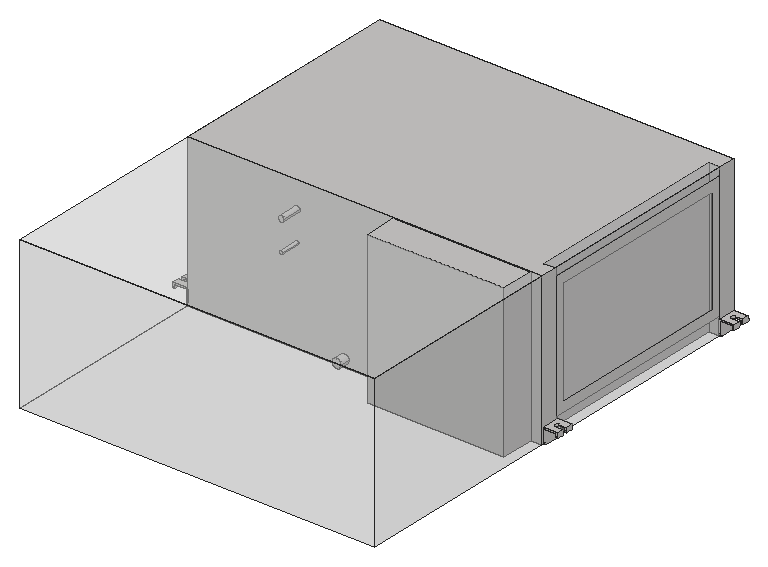
Revit family "outputfile", category 機械設備, Revit 2024
Family settings
  丸型コネクタ寸法 = 半径を使用
  パーツ タイプ = 標準
  OmniClass 番号 = 23.75.10.24.21.27.27
  OmniClass タイトル = Split System Air Conditioning Units
  作業面ベース = いいえ
  常に垂直 = はい
  ロード時にボイドで切り取り = いいえ
  注釈の向きを維持 = いいえ
  共有 = いいえ
  部屋計算ポイント = はい
Parameters (values of type "FXMQ48MFVJU")
  Description = ""
  製造元 = "Daikin"
  書き出し IFC クラス(タイプ) = "IfcUnitaryEquipmentType"
  定義済み IFC タイプ(タイプ) = "AIRCONDITIONINGUNIT"
  Cost = 0
  モデル = "FXMQ48MFVJU"
  Type Comments = ""
  Keynote = ""
  Type Image = (empty or 0)
  Assembly Code = ""
  w_dischargeflange = 660.0 mm
  w_suctionflange = 640.0 mm
  r_Liquid Pipe Size = Liquid Pipe Size / 2  # 4.75 mm
  r_Gas Pipe Size = Gas Pipe Size / 2  # 7.95 mm
  r_Drain Pipe Size = Drain Pipe Size / 2  # 13.8 mm
  lw_powersupply = 247.5 mm  # constant formula
  lw_mountinghole_pitch = 1148.0 mm  # constant formula
  lw_mountinghole = if(Depth = 744.0 mm, 29.5 mm, if(Depth = 1380.0 mm, 42.0 mm, 42.0 mm))  # 29.5 mm
  lw_liquidpipe = 760.0 mm  # constant formula
  lw_gaspipe = 760.0 mm  # constant formula
  lw_drainpipe = 613.0 mm  # constant formula
  lh_dischargeflange = 250.0 mm  # constant formula
  lh_powersupply = 20.0 mm  # constant formula
  lh_liquidpipe = 296.0 mm  # constant formula
  lh_gaspipe = 390.0 mm  # constant formula
  lh_drainpipe = 25.0 mm  # constant formula
  lh_suctionflange = 250.0 mm  # constant formula
  lh_antena = Height - lh_mountinghole + 1.0 mm  # 421.0 mm
  ld_dischargeflange = 372.0 mm
  ld_powersupply = 211.5 mm  # constant formula
  ld_mountinghole_pitch = if(Depth = 744.0 mm, 685.0 mm, if(Depth = 1380.0 mm, 1296.0 mm, 1296.0 mm))  # 685.0 mm
  ld_suctionflange = 372.0 mm
  h_dischargeflange = 390.0 mm  # constant formula
  lh_mountinghole = 50.0 mm  # constant formula
  h_mountinghole = [h***] + lh_mountinghole  # 50.0 mm
  h_suctionflange = 390.0 mm  # constant formula
  h*** = 0.0 mm  # constant formula
  d_dischargeflange = 25.0 mm  # constant formula
  d_pipe = if(Depth = 744.0 mm, 61.0 mm, if(Depth = 1380.0 mm, 60.0 mm, 60.0 mm))  # 61.0 mm
  d_suctionflange = 25.0 mm  # constant formula
  Width = 1100.0 mm
  Voltage_comment_60Hz = "208-230"
  Voltage_60Hz = 208 V
  Version = "ver.1.0"
  Unit Type = "Outdoor Air Processing Unit"
  Unit Mass Weight = 86.00 kg
  Unit Designation [instance] = ""
  Uniclass2015Version = "Products v1.30"
  Uniclass2015Title = "Variable refrigerant flow units"
  Uniclass2015Code = "Pr_70_65_03_94"
  URL = ""
  Total Heating Capacity [instance] = 0.000 kW
  Total Cooling Capacity [instance] = 0.000 kW
  Supply Air Direction [instance] = yes
  Sound Pressure Level_M speed (dBA) = 0
  Sound Pressure Level_L speed (dBA) = 0
  Sound Pressure Level_H speed (dBA) = 43
  Sound Power Level_H speed (dB) = 0
  Series = "VRV Fan Coil Unit"
  Sensible Cooling Capacity [instance] = 0.000 kW
  SA Duct Size Width = 600.0 mm
  SA Duct Size Height = 330.0 mm
  Refrigerant Type = "R410A"
  Power Input (Heating) = 0.359 kW
  Power Input (Cooling) = 0.359 kW
  Phase_60Hz = 1
  Option Accessory 3 [instance] = ""
  Option Accessory 2 [instance] = ""
  Option Accessory 1 [instance] = ""
  OA Duct Size Width = 580.0 mm
  OA Duct Size Height = 330.0 mm
  Nominal Heating Capacity = 8.900 kW
  Nominal Cooling Capacity = 14.000 kW
  Minimum External Static Pressure = 0.00 Pa
  Minimum Circuit Amps_60Hz = 2.1 A
  Minimum Airflow = 0.00 m³/h
  Median Airflow = 0.00 m³/h
  Maximum Fuse Amps_60Hz = 15.0 A
  Maximum External Static Pressure = 219.00 Pa
  Maximum Airflow = 1080.00 m³/h
  Material_Casing = DAIKIN_GalvanizedSteel_Casing_indoorunit
  Load Classification = HVAC
  Liquid Pipe Size = 9.5 mm
  Link_Nested Family [instance] = ""
  IfcVersion = "0"
  IfcExportType = "AIRCONDITIONINGUNIT"
  IfcExportAs = "IfcUnitaryEquipmentType"
  Height = 470.0 mm
  Heating Entering Wet Bulb Temperature [instance] = 0.00 °C
  Heating Entering Dry Bulb Temperature [instance] = 0.00 °C
  Heating Ambient Wet Bulb Temperature [instance] = 0.00 °C
  Heating Ambient Dry Bulb Temperature [instance] = 0.00 °C
  Heat Exchanger Type = "Cross Fin Coil"
  Gas Pipe Size = 15.9 mm
  Frequency_60Hz = 60 Hz
  Fan Type = "Sirocco Fan"
  Fan Drive = "Direct Drive"
  FCU Tag No. [instance] = ""
  Drain Pipe Size = 27.6 mm
  Design Supply Airflow [instance] = 0.00 m³/h
  Design Outdoor Airflow [instance] = 0.00 m³/h
  Design External Static Pressure [instance] = 0.00 Pa
  Depth = 744.0 mm
  既定の高さ = 0.0 mm
  Cooling Entering Wet Bulb Temperature [instance] = 0.00 °C
  Cooling Entering Dry Bulb Temperature [instance] = 0.00 °C
  Cooling Ambient Wet Bulb Temperature [instance] = 0.00 °C
  Cooling Ambient Dry Bulb Temperature [instance] = 0.00 °C
  Clearance visibility [instance] = yes
  Clearance Top = 0.0 mm
  Clearance Right = 0.0 mm
  Clearance Rear = 0.0 mm
  Clearance Left = 0.0 mm
  Clearance Front = 650.0 mm
  Clearance Bottom = 0.0 mm
Reference planes
  plane 1 "Center (Front/Back)": y = 0
  plane 2: z = 0
  plane 3 "Center (Left/Right)": x = 0
  plane 4 "Back": y = 372
  plane 5 "Front": y = -372
  plane 6 "Left": x = -550
  plane 7 "Right": x = 550
  plane 8 "Top": z = 0
  plane 9 "Bottom": z = -470
  plane 10: y = 372
  plane 11: y = -1022
  plane 12: x = 550
  plane 13: x = -550
  plane 14: z = 0
  plane 15: z = -470
  plane 16: y = -474
  plane 17: y = -402
  plane 18: y = -433
  plane 19 "ld_drainpipe": x = -63
  plane 20 "ld_liquidpipe": x = -210
  plane 21 "ld_gaspipe": x = -210
  plane 22 "lh_gaspipe": z = -80
  plane 23 "lh_drainpipe": z = -445
  plane 24 "lh_liquidpipe": z = -174
  plane 25 "h_mountinghole": z = -420
  plane 26 "lh_powersuply": z = -450
  plane 27 "lh_suctionflange": z = -220
  plane 28 "ld_suctionflange": y = 0
  plane 29 "ld_dischargeflange": y = 0
  plane 30 "lh_dischargeflange": z = -220
  plane 31 "control box1": x = 514
  plane 32 "control box2": x = 91
  plane 33: y = -423
  plane 34 "lw_powersupply": x = 302.5
  plane 35: y = 342.5
  plane 36: y = -342.5
  plane 37: x = -574
  plane 38: x = 574
  plane 39 "w_suctionflange1": y = 320
  plane 40 "w_suctionflange2": y = -320
Forms (mm)
  Extrusion 1, solid, material "DAIKIN_GalvanizedSteel_Casing_indoorunit" <- "Material_Casing"
    sketch origin (0, 0, 0) x (1, 0, 0) y (0, 0, 1)
      loop
        line (-550, 0) -> (-550, -470) -> (550, -470) -> (550, 0) -> (-550, 0)
    from -372 to 372
  Extrusion 2, solid, material "DAIKIN_GalvanizedSteel_Casing_indoorunit" <- "Material_Casing"
    sketch origin (0, 0, 0) x (1, 0, 0) y (0, 0, 1)
      loop
        line (91, -470) -> (514, -470) -> (514, 0) -> (91, 0) -> (91, -470)
    from 372 to 474
  Extrusion 3, solid, material "DAIKIN_GalvanizedSteel_Casing_indoorunit" <- "Material_Casing"
    sketch origin (0, 0, 0) x (1, 0, 0) y (0, 0, 1)
      loop
        circle (-210, -174) r 4.75
      loop
        circle (-210, -80) r 7.95
    from 372 to 433
  Extrusion 4, solid, material "DAIKIN_GalvanizedSteel_Casing_indoorunit" <- "Material_Casing"
    sketch origin (63, 0, 0) x (1, 0, 0) y (0, 0, 1)
      loop
        circle (-126, -445) r 13.8
    from 372 to 402
  Extrusion 5, void
    sketch origin (0, 0, 0) x (0, 1, 0) y (0, 0, 1)
      loop
        line (-320, 545) -> (-320, -985) -> (320, -985) -> (320, 545) -> (-320, 545)
    from 514 to 550
Cuts and joins
  Extrusion 5 cuts Extrusion 1
Dimensions and locks
  "Height": plane 8 "Top" to plane 9 "Bottom"
  equal spacing: plane 6 "Left", plane 3 "Center (Left/Right)", plane 7 "Right"
  "Width": plane 6 "Left" to plane 7 "Right"
  equal spacing: plane 4 "Back", plane 1 "Center (Front/Back)", plane 5 "Front"
  "Depth": plane 4 "Back" to plane 5 "Front"
  "Clearance Left": plane 13 to plane 6 "Left"
  "Clearance Right": plane 7 "Right" to plane 12
  "Clearance Rear": plane 10 to plane 4 "Back"
  "Clearance Front": plane 5 "Front" to plane 11
  "Clearance Top": plane 14 to plane 8 "Top"
  "Clearance Bottom": plane 9 "Bottom" to plane 15
  locked: plane 5 "Front" to plane 16 at 102
  "d_pipe": plane 5 "Front" to plane 18
  "lw_drainpipe": plane 19 "ld_drainpipe" to plane 7 "Right"
  "lw_liquidpipe": plane 20 "ld_liquidpipe" to plane 7 "Right"
  "lw_gaspipe": plane 21 "ld_gaspipe" to plane 7 "Right"
  "lh_gaspipe": plane 22 "lh_gaspipe" to plane 9 "Bottom"
  "lh_liquidpipe": plane 24 "lh_liquidpipe" to plane 9 "Bottom"
  "lh_drainpipe": plane 23 "lh_drainpipe" to plane 9 "Bottom"
  "lh_mountinghole": plane 25 "h_mountinghole" to plane 9 "Bottom"
  "lh_powersupply": plane 26 "lh_powersuply" to plane 9 "Bottom"
  "lh_suctionflange": plane 27 "lh_suctionflange" to plane 9 "Bottom"
  "ld_suctionflange": plane 28 "ld_suctionflange" to plane 5 "Front"
  "ld_dischargeflange": plane 4 "Back" to plane 29 "ld_dischargeflange"
  "lh_dischargeflange": plane 30 "lh_dischargeflange" to plane 9 "Bottom"
  locked: plane 5 "Front" to plane 17 at 30
  locked: plane 32 "control box2" to plane 31 "control box1" at 423
  locked: plane 31 "control box1" to plane 7 "Right" at 36
  "lw_powersupply": plane 34 "lw_powersupply" to plane 7 "Right"
  equal spacing: plane 37, plane 3 "Center (Left/Right)", plane 38
  "lw_mountinghole_pitch": plane 37 to plane 38
  "lw_mountinghole": plane 36 to plane 5 "Front"
  "ld_mountinghole_pitch": plane 35 to plane 36
  equal spacing: plane 5 "Front", plane 33, plane 16, locked at 51 each
  equal spacing: plane 39 "w_suctionflange1", plane 29 "ld_dischargeflange", plane 40 "w_suctionflange2"
  "w_suctionflange": plane 39 "w_suctionflange1" to plane 40 "w_suctionflange2"
  "r_Liquid Pipe Size": radius of Extrusion 3 sketch curve
  "r_Gas Pipe Size": radius of Extrusion 3 sketch curve
  "r_Drain Pipe Size": radius of Extrusion 4 sketch curve
  aligned and locked: level to plane 2
  aligned and locked: Extrusion 1 sketch curve to plane 8 "Top"
  aligned and locked: Extrusion 1 sketch curve to plane 6 "Left"
  aligned and locked: plane 9 "Bottom" to Extrusion 1 sketch curve
  aligned and locked: Extrusion 1 sketch curve to plane 7 "Right"
  aligned and locked: plane 4 "Back" to Extrusion 1
  aligned and locked: Extrusion 1 to plane 5 "Front"
  aligned and locked: plane 10 to nested 1
  aligned and locked: plane 11 to nested 1
  aligned and locked: plane 12 to nested 1
  aligned and locked: nested 1 to plane 13
  aligned and locked: plane 15 to nested 1
  aligned and locked: plane 14 to nested 1
  aligned and locked: Extrusion 2 to plane 16
  aligned and locked: plane 5 "Front" to Extrusion 2
  aligned and locked: plane 24 "lh_liquidpipe" to Extrusion 3 sketch curve
  aligned and locked: plane 20 "ld_liquidpipe" to Extrusion 3 sketch curve
  aligned and locked: plane 21 "ld_gaspipe" to Extrusion 3 sketch curve
  aligned and locked: plane 22 "lh_gaspipe" to Extrusion 3 sketch curve
  aligned and locked: Extrusion 3 to plane 18
  aligned and locked: plane 5 "Front" to Extrusion 3
  aligned and locked: nested 2 to plane 5 "Front"
  aligned and locked: nested 2 to plane 19 "ld_drainpipe"
  aligned and locked: plane 23 "lh_drainpipe" to nested 2
  aligned and locked: nested 3 to plane 5 "Front"
  aligned and locked: nested 4 to plane 5 "Front"
  aligned and locked: plane 24 "lh_liquidpipe" to nested 3
  aligned and locked: plane 22 "lh_gaspipe" to nested 4
  aligned and locked: plane 25 "h_mountinghole" to nested 5
  aligned and locked: plane 25 "h_mountinghole" to nested 6
  aligned and locked: nested 7 to plane 25 "h_mountinghole"
  aligned and locked: nested 8 to plane 25 "h_mountinghole"
  aligned and locked: nested 13 to plane 26 "lh_powersuply"
  aligned and locked: plane 1 "Center (Front/Back)" to nested 14
  aligned and locked: nested 14 to plane 3 "Center (Left/Right)"
  aligned and locked: nested 15 to plane 29 "ld_dischargeflange"
  aligned and locked: nested 15 to plane 6 "Left"
  aligned and locked: plane 30 "lh_dischargeflange" to nested 15
  aligned and locked: nested 16 to plane 6 "Left"
  aligned and locked: nested 16 to plane 29 "ld_dischargeflange"
  aligned and locked: plane 28 "ld_suctionflange" to nested 17
  aligned and locked: nested 17 to plane 27 "lh_suctionflange"
  aligned and locked: nested 16 to plane 30 "lh_dischargeflange"
  aligned and locked: nested 3 to plane 20 "ld_liquidpipe"
  aligned and locked: nested 4 to plane 21 "ld_gaspipe"
  aligned and locked: Extrusion 2 sketch curve to plane 31 "control box1"
  aligned and locked: Extrusion 2 sketch curve to plane 32 "control box2"
  aligned and locked: Extrusion 2 sketch curve to plane 14
  aligned and locked: Extrusion 2 sketch curve to plane 15
  aligned and locked: plane 19 "ld_drainpipe" to Extrusion 4 sketch curve
  aligned and locked: plane 23 "lh_drainpipe" to Extrusion 4 sketch curve
  aligned and locked: Extrusion 4 to plane 17
  aligned and locked: nested 13 to plane 34 "lw_powersupply"
  aligned and locked: plane 33 to nested 13
  aligned and locked: nested 5 to plane 35
  aligned and locked: plane 35 to nested 7
  aligned and locked: nested 6 to plane 36
  aligned and locked: plane 36 to nested 8
  aligned and locked: nested 18 to plane 1 "Center (Front/Back)"
  aligned and locked: plane 27 "lh_suctionflange" to nested 18
  aligned and locked: Extrusion 5 sketch curve to plane 39 "w_suctionflange1"
  aligned and locked: Extrusion 5 sketch curve to plane 40 "w_suctionflange2"
  aligned and locked: plane 7 "Right" to Extrusion 5
  aligned and locked: plane 7 "Right" to nested 18
  aligned and locked: plane 3 "Center (Left/Right)" to nested 17
  aligned and locked: nested 11 to plane 37
  aligned and locked: nested 12 to plane 38
  aligned and locked: nested 10 to plane 37
  aligned and locked: nested 9 to plane 38
  aligned and locked: nested 5 to plane 6 "Left"
  aligned and locked: nested 7 to plane 7 "Right"
  aligned and locked: nested 8 to plane 7 "Right"
  aligned and locked: nested 9 to plane 36
  aligned and locked: nested 10 to plane 36
  aligned and locked: nested 12 to plane 35
  aligned and locked: nested 11 to plane 35
  aligned and locked: Extrusion 5 to Extrusion 2
  aligned and locked: plane 5 "Front" to Extrusion 4
Automatic sketch dimensions
  level to Extrusion 5 sketch curve = 545.0 mm
  Extrusion 5 sketch curve to plane 9 "Bottom" = 515.0 mm
Nested families
  nested 1: "daikin_clearancespace" at (0, -325, -234.881), visible <- "Clearance visibility", show <- "Clearance visibility", Link_Nested Family <- "Link_Nested Family", type "daikin_clearancespace"
    with width 1100.0 mm, show yes, height 470.0 mm, depth 1394.0 mm, Link_Nested Family ""
  nested 2: "daikin_connector_rotate2" at (-63, -372, -445), radius <- "r_Drain Pipe Size", type "daikin_connector_rotate2"
    with radius 13.8 mm, length 30.0 mm, angle_vertical 90.00°, show_face no
  nested 3: "daikin_connector_rotate2" at (-210, -372, -174), length <- "d_pipe", radius <- "r_Liquid Pipe Size", type "daikin_connector_rotate2"
    with radius 4.75 mm, length 61.0 mm, angle_vertical 90.00°, show_face no
  nested 4: "daikin_connector_rotate2" at (-210, -372, -80), length <- "d_pipe", radius <- "r_Gas Pipe Size", type "daikin_connector_rotate2"
    with radius 7.95 mm, length 61.0 mm, angle_vertical 90.00°, show_face no
  nested 5: "daikin_hangerfixture_FXMQ-MFVJU" at (-550, 342.5, -420) x (0, -1, 0) z (0, 0, 1), type "daikin_hangerfixture_FXMQ-MFVJU"
  nested 6: "daikin_hangerfixture_FXMQ-MFVJU" at (-550, -342.5, -420) x (0, -1, 0) z (0, 0, 1), type "daikin_hangerfixture_FXMQ-MFVJU"
  nested 7: "daikin_hangerfixture_FXMQ-MFVJU" at (550, 342.5, -420) x (0, -1, 0) z (0, 0, 1), type "daikin_hangerfixture_FXMQ-MFVJU"
  nested 8: "daikin_hangerfixture_FXMQ-MFVJU" at (550, -342.5, -420) x (0, -1, 0) z (0, 0, 1), type "daikin_hangerfixture_FXMQ-MFVJU"
  nested 9: "daikin_mountinghole" at (574, -342.5, -470), Link_Nested Family <- "Link_Nested Family", l_antenna <- "lh_antena", h_mountinghole <- "h_mountinghole", type "daikin_mountinghole"
    with show yes, l_antenna 421.0 mm, h_mountinghole 50.0 mm, Link_Nested Family ""
  nested 10: "daikin_mountinghole" at (-574, -342.5, -470), Link_Nested Family <- "Link_Nested Family", l_antenna <- "lh_antena", h_mountinghole <- "h_mountinghole", type "daikin_mountinghole"
    with show yes, l_antenna 421.0 mm, h_mountinghole 50.0 mm, Link_Nested Family ""
  nested 11: "daikin_mountinghole" at (-574, 342.5, -470), Link_Nested Family <- "Link_Nested Family", l_antenna <- "lh_antena", h_mountinghole <- "h_mountinghole", type "daikin_mountinghole"
    with show yes, l_antenna 421.0 mm, h_mountinghole 50.0 mm, Link_Nested Family ""
  nested 12: "daikin_mountinghole" at (574, 342.5, -470), Link_Nested Family <- "Link_Nested Family", l_antenna <- "lh_antena", h_mountinghole <- "h_mountinghole", type "daikin_mountinghole"
    with show yes, l_antenna 421.0 mm, h_mountinghole 50.0 mm, Link_Nested Family ""
  nested 13: "daikin_connector_rotate2" at (302.5, -423, -450) x (0, 1, 0) z (0, 0, 1), length <- "ld_powersupply", type "daikin_connector_rotate2"
    with radius 10.0 mm, length 211.5 mm, angle_vertical 90.00°, show_face no
  nested 14: "daikin_△_symbolicline" at (0, 0, 470) x (0, -1, 0) z (0, 0, 1), visible <- "Supply Air Direction", built-in parameter 1001364 <- "Height", type "daikin_△_symbolicline"
    with length 300.0 mm
  nested 15: "daikin_ductflange_FXMQ-MFVJU_1" at (-550, 0, -415) x (0, -1, 0) z (0, 0, 1), material <- "Material_Casing", depth <- "d_dischargeflange", height <- "h_dischargeflange", width <- "w_dischargeflange", type "daikin_ductflange_FXMQ-MFVJU_1"
    with width 660.0 mm, top1 30.0 mm, right1 30.0 mm, material DAIKIN_GalvanizedSteel_Casing_indoorunit, left1 30.0 mm, height 390.0 mm, depth 25.0 mm, Bottom1 30.0 mm
  nested 16: "daikin_connector_rotate2" at (-550, 0, -220) x (0, -1, 0) z (0, 0, 1), length <- "d_dischargeflange", type "daikin_connector_rotate2"
    with radius 10.0 mm, length 25.0 mm, angle_vertical 90.00°, show_face no
  nested 17: "daikin_connector_rotate2" at (0, 0, -220) x (0, 1, 0) z (0, 0, 1), type "daikin_connector_rotate2"
    with radius 10.0 mm, length 550.0 mm, angle_vertical 90.00°, show_face no
  nested 18: "daikin_ductflange_FXMQ-MFVJU_2" at (549, 0, -415) x (0, 1, 0) z (0, 0, 1), width <- "w_suctionflange", height <- "h_suctionflange", type "daikin_ductflange_FXMQ-MFVJU_2"
    with width 640.0 mm, height 390.0 mm, depth 1.0 mm
Connectors
  piping at (-210, -433, -174), diameter 9.5, driven by "r_Liquid Pipe Size"
    settings: on nested 3, index 2, connector inside diameter 609.6 mm, connector length 0.0 mm, flow factor 0, pipe flow 0.00 m³/h, pressure drop 0.0 Pa, fitting loss kfactor 0, connector angle 0.00°, fixture units 0, engagement length 0.0 mm, angle of deflection 0.00°, flow configuration 1, flow direction 1, fitting loss method 0, system type 29, joint type 0, gender type 0, connector reference index -1, connector utility 0, adjustable connector no, is connector primary yes, connector description "Refrigerant Liquid Piping"
  piping at (-210, -433, -80), diameter 15.9, driven by "r_Gas Pipe Size"
    settings: on nested 4, index 3, connector inside diameter 609.6 mm, connector length 0.0 mm, flow factor 0, pipe flow 0.00 m³/h, pressure drop 0.0 Pa, fitting loss kfactor 0, connector angle 0.00°, fixture units 0, engagement length 0.0 mm, angle of deflection 0.00°, flow configuration 1, flow direction 2, fitting loss method 0, system type 29, joint type 0, gender type 0, connector reference index -1, connector utility 0, adjustable connector no, is connector primary no, connector description "Refrigerant Gas Piping"
  electrical at (514, -423, -450), driven by "Load Classification"
    settings: on nested 13, index 4, voltage 0 V, apparent load 0 VA, apparent load phase1 0 VA, apparent load phase2 0 VA, apparent load phase3 0 VA, power factor 1, load classification "HVAC", number of poles 1, system type 30, power factor state 1, is connector primary yes, connector utility no, sub classification motor no, connector description "Power Supply"
  hvac at (-575, 0, -220), driven by "SA Duct Size Height", driven by "SA Duct Size Width"
    settings: on nested 15, index 6, duct flow 0.00 m³/h, flow factor 0, pres drop 0.00 Pa, loss coef 0, conn angle 0.00°, conn width 600.0 mm, conn height 330.0 mm, conn diameter 609.6 mm, duct sys type 1, conn prof type 1, flow config 0, flow direction 2, loss method 4, conn ref index -1, conn util no, is conn primary yes, conn desc "SA Duct"
  piping at (-63, -402, -445), diameter 27.6, driven by "r_Drain Pipe Size"
    settings: on Extrusion 4, index 7, connector inside diameter 609.6 mm, connector length 0.0 mm, flow factor 0, pipe flow 0.00 m³/h, pressure drop 0.0 Pa, fitting loss kfactor 0, connector angle 0.00°, fixture units 0, engagement length 0.0 mm, angle of deflection 0.00°, flow configuration 1, flow direction 2, fitting loss method 4, system type 16, joint type 0, gender type 0, connector reference index -1, connector utility 0, adjustable connector no, is connector primary no, connector description "Condensate Drain Piping"
  hvac at (550, 0, -220), driven by "OA Duct Size Height", driven by "OA Duct Size Width"
    settings: on nested 18, index 8, duct flow 0.00 m³/h, flow factor 0, pres drop 0.00 Pa, loss coef 0, conn angle 0.00°, conn width 580.0 mm, conn height 330.0 mm, conn diameter 609.6 mm, duct sys type 1, conn prof type 1, flow config 0, flow direction 1, loss method 4, conn ref index -1, conn util no, is conn primary no, conn desc "OA Duct"
Definition of nested family "daikin_clearancespace"
  Parameters (values of type "daikin_clearancespace")
    width [instance] = 1823.963 mm
    show [instance] = yes
    material = none
    height [instance] = 1359.762 mm
    depth [instance] = 880.0 mm
    Default Elevation = 0.0 mm
    Link_Nested Family [instance] = ""
  Reference planes
    plane 1 "Center (Front/Back)": y = 0
    plane 2 "Center (Elevation)": z = -0.119
    plane 3 "Center (Left/Right)": x = 0
    plane 4: y = 440
    plane 5: y = -440
    plane 6 "Right": x = 911.982
    plane 7 "Left": x = -911.982
    plane 8 "Top": z = 679.762
    plane 9 "Bottom": z = -680
  Forms (mm)
    Extrusion 1, solid, material <- "material", visible <- "show"
      sketch origin (0, 0, 0) x (1, 0, 0) y (0, 1, 0)
        loop
          line (-911.982, 440) -> (-911.982, -440) -> (911.982, -440) -> (911.982, 440) -> (-911.982, 440)
      from -680 to 679.762
  Lines and regions (mm)
    symbolic lines, visible <- "show"
      curve 1: line (911.982, 440, 0) -> (-911.982, 440, 0)
      curve 2: line (-911.982, 440, 0) -> (-911.982, -440, 0)
      curve 3: line (-911.982, -440, 0) -> (911.982, -440, 0)
      curve 4: line (911.982, -440, 0) -> (911.982, 440, 0)
      curve 5: line (911.982, 0, 679.762) -> (-911.982, 0, 679.762)
      curve 6: line (911.982, 0, -680) -> (911.982, 0, 679.762)
      curve 7: line (-911.982, 0, -680) -> (911.982, 0, -680)
      curve 8: line (-911.982, 0, 679.762) -> (-911.982, 0, -680)
      curve 9: line (0, 440, 679.762) -> (0, -440, 679.762)
      curve 10: line (0, -440, 679.762) -> (0, -440, -680)
      curve 11: line (0, 440, -680) -> (0, 440, 679.762)
      curve 12: line (0, -440, -680) -> (0, 440, -680)
  Dimensions and locks
    "width": plane 7 "Left" to plane 6 "Right"
    "depth": plane 4 to plane 5
    "height": plane 8 "Top" to plane 9 "Bottom"
    equal spacing: plane 7 "Left", plane 3 "Center (Left/Right)", plane 6 "Right"
    equal spacing: plane 4, plane 1 "Center (Front/Back)", plane 5
    equal spacing: plane 8 "Top", plane 2 "Center (Elevation)", plane 9 "Bottom"
    aligned and locked: level to plane 2 "Center (Elevation)"
    aligned and locked: Extrusion 1 sketch curve to plane 4
    aligned and locked: plane 7 "Left" to Extrusion 1 sketch curve
    aligned and locked: Extrusion 1 sketch curve to plane 5
    aligned and locked: Extrusion 1 sketch curve to plane 6 "Right"
    aligned and locked: plane 8 "Top" to Extrusion 1
    aligned and locked: curve 1 to Extrusion 1
    aligned and locked: curve 2 to Extrusion 1
    aligned and locked: curve 3 to Extrusion 1
    aligned and locked: curve 4 to Extrusion 1
    aligned and locked: curve 5 to Extrusion 1
    aligned and locked: curve 6 to Extrusion 1
    aligned and locked: curve 7 to Extrusion 1
    aligned and locked: curve 8 to Extrusion 1
    aligned and locked: curve 9 to Extrusion 1
    aligned and locked: curve 10 to Extrusion 1
    aligned and locked: curve 11 to Extrusion 1
    aligned and locked: curve 12 to Extrusion 1
    aligned and locked: Extrusion 1 to plane 9 "Bottom"
Definition of nested family "daikin_hangerfixture_FXMQ-MFVJU"
  Parameters (values of type "daikin_hangerfixture_CeilingMountedDuct")
    width = if(D = 744.0 mm, 55.0 mm, if(D = 1380.0 mm, 80.0 mm, 80.0 mm))  # 55.0 mm
    material = none
    height = 50.0 mm
    depth = 47.0 mm
    Default Elevation = 0.0 mm
    D = 744.0 mm
  Reference planes
    plane 1 "Center (Front/Back)": y = 0
    plane 2: z = 0
    plane 3 "Center (Left/Right)": x = 0
    plane 4: y = 417.146
    plane 5: y = -47
    plane 6: x = -27.5
    plane 7: x = 27.5
    plane 8: z = -5
    plane 9: z = -50
    plane 10: y = -5
    plane 11: y = -42
    plane 12: y = -24
    plane 13: z = -15
  Forms (mm)
    Extrusion 1, solid, material <- "material"
      sketch origin (0, 0, 0) x (1, 0, 0) y (0, 1, 0)
        loop
          line (27.5, 0) -> (-27.5, 0) -> (-27.5, -47) -> (-7, -47) -> (-7, -24)
          arc (-7, -24) -> (0, -17) -> (7, -24) r 7
          line (7, -24) -> (7, -47) -> (27.5, -47) -> (27.5, 0)
      from 0 to -5
    Extrusion 2, solid, material <- "material"
      sketch origin (0, 0, 0) x (1, 0, 0) y (0, 0, 1)
        loop
          line (27.5, -40) -> (27.5, 0) -> (-27.5, 0) -> (-27.5, -40)
          arc (-27.5, -40) -> (-24.571, -47.071) -> (-17.5, -50) r 10
          line (-17.5, -50) -> (17.5, -50)
          arc (17.5, -50) -> (24.571, -47.071) -> (27.5, -40) r 10
      from 0 to 5
    Extrusion 3, solid, material <- "material"
      sketch origin (0, 0, 0) x (1, 0, 0) y (0, 0, 1)
        loop
          line (-7, -12) -> (-7, 0) -> (-27.5, 0) -> (-27.5, -12)
          arc (-27.5, -12) -> (-26.621, -14.121) -> (-24.5, -15) r 3
          line (-24.5, -15) -> (-10, -15)
          arc (-10, -15) -> (-7.879, -14.121) -> (-7, -12) r 3
        loop
          line (7, 0) -> (7, -12)
          arc (7, -12) -> (7.879, -14.121) -> (10, -15) r 3
          line (10, -15) -> (24.5, -15)
          arc (24.5, -15) -> (26.621, -14.121) -> (27.5, -12) r 3
          line (27.5, -12) -> (27.5, 0) -> (7, 0)
      from 42 to 47
  Cuts and joins
    joined: Extrusion 1, Extrusion 2, Extrusion 3
  Dimensions and locks
    "width": plane 6 to plane 7
    "depth": plane 5 to plane 1 "Center (Front/Back)"
    locked: plane 2 to plane 8 at 5
    "height": plane 2 to plane 9
    locked: plane 10 to plane 1 "Center (Front/Back)" at 5
    locked: plane 11 to plane 5 at 5
    locked: plane 2 to plane 13 at 15
    equal spacing: plane 6, plane 3 "Center (Left/Right)", plane 7
    plane 12 to plane 1 "Center (Front/Back)" = 24.0 mm
    aligned and locked: level to plane 2
    aligned and locked: Extrusion 1 sketch curve to plane 1 "Center (Front/Back)"
    aligned and locked: plane 7 to Extrusion 1
    aligned and locked: Extrusion 1 to plane 6
    aligned and locked: Extrusion 1 to plane 5  (x2)
    aligned and locked: Extrusion 1 to plane 8
    aligned and locked: plane 2 to Extrusion 1
    aligned and locked: plane 2 to Extrusion 2 sketch curve
    aligned and locked: Extrusion 2 to plane 10
    aligned and locked: Extrusion 2 to plane 1 "Center (Front/Back)"
    aligned and locked: plane 2 to Extrusion 3 sketch curve  (x2)
    aligned and locked: plane 11 to Extrusion 3
    aligned and locked: Extrusion 3 to plane 5
    aligned and locked: plane 9 to Extrusion 2 sketch curve
    aligned and locked: cut or joined group of Extrusion 1, Extrusion 2, Extrusion 3 to plane 13  (x2)
    aligned and locked: plane 3 "Center (Left/Right)" to Extrusion 1 sketch curve
    aligned and locked: cut or joined group of Extrusion 1, Extrusion 2, Extrusion 3 to cut or joined group of Extrusion 1, Extrusion 2, Extrusion 3  (x2)
  Automatic sketch dimensions
    Extrusion 1 sketch curve to plane 6 = 0.0 mm
    Extrusion 1 sketch curve to plane 5 = 0.0 mm  (x2)
    Extrusion 1 sketch curve to plane 7 = 0.0 mm
    Extrusion 1 sketch curve to plane 3 "Center (Left/Right)" = 7.0 mm
    Extrusion 2 sketch curve to plane 7 = 0.0 mm
    Extrusion 2 sketch curve to plane 7 = 10.0 mm
    plane 6 to Extrusion 2 sketch curve = 10.0 mm
    Extrusion 2 sketch curve to plane 6 = 0.0 mm
    Extrusion 3 sketch curve to plane 6 = 0.0 mm
    Extrusion 3 sketch curve to plane 7 = 0.0 mm
    Extrusion 3 sketch curve to Extrusion 3 sketch curve = 3.0 mm  (x3)
    Extrusion 3 sketch curve to plane 8 = 7.0 mm
    Extrusion 3 sketch curve to plane 3 "Center (Left/Right)" = 7.0 mm
    plane 3 "Center (Left/Right)" to Extrusion 3 sketch curve = 7.0 mm
    Extrusion 3 sketch curve to plane 7 = 3.0 mm
    Extrusion 3 sketch curve to plane 8 = 10.0 mm
    Extrusion 1 sketch curve to plane 12 = 0.0 mm
Definition of nested family "daikin_ductflange_FXMQ-MFVJU_1"
  Parameters (values of type "daikin_ductflange_FXMQ-MFV1")
    width [instance] = 670.0 mm
    right1 [instance] = 22.5 mm
    left1 [instance] = 22.5 mm
    Bottom1 [instance] = 25.0 mm
    material [instance] = none
    height [instance] = 272.0 mm
    depth [instance] = 25.0 mm
    top1 [instance] = 25.0 mm
    Default Elevation = 0.0 mm
  Reference planes
    plane 1 "Center (Front/Back)": y = 0
    plane 2: z = 0
    plane 3 "Center (Left/Right)": x = 0
    plane 4: y = -25
    plane 5: x = -335
    plane 6: x = 335
    plane 7 "Top": z = 272
    plane 8: y = -1
    plane 9: x = -312.5
    plane 10: x = 312.5
    plane 11: z = 247
    plane 12: z = 25
    plane 13 "Center (Elevation)": z = 136
  Forms (mm)
    Extrusion 1, solid, material <- "material"
      sketch origin (0, 0, 0) x (1, 0, 0) y (0, 0, 1)
        loop
          line (-335, 272) -> (-335, 0) -> (335, 0) -> (335, 272) -> (-335, 272)
        loop
          line (-312.5, 247) -> (-312.5, 25) -> (312.5, 25) -> (312.5, 247) -> (-312.5, 247)
      from 0 to 1
    Extrusion 2, solid, material <- "material"
      sketch origin (0, 0, 0) x (1, 0, 0) y (0, 1, 0)
        loop
          line (-312.5, -1) -> (-317.5, -1) -> (-317.5, -25) -> (-312.5, -25) -> (-312.5, -1)
        loop
          line (312.5, -1) -> (312.5, -25) -> (317.5, -25) -> (317.5, -1) -> (312.5, -1)
      from 0 to 272
    Extrusion 3, solid, material <- "material"
      sketch origin (0, 0, 0) x (0, 1, 0) y (0, 0, 1)
        loop
          line (-1, 247) -> (-1, 252) -> (-25, 252) -> (-25, 247) -> (-1, 247)
        loop
          line (-1, 25) -> (-25, 25) -> (-25, 20) -> (-1, 20) -> (-1, 25)
      from -312.5 to 312.5
  Cuts and joins
    joined: Extrusion 1, Extrusion 2, Extrusion 3
  Dimensions and locks
    "height": plane 7 "Top" to plane 2
    "width": plane 5 to plane 6
    equal spacing: plane 5, plane 3 "Center (Left/Right)", plane 6
    "depth": plane 1 "Center (Front/Back)" to plane 4
    locked: plane 8 to plane 1 "Center (Front/Back)" at 1
    "left1": plane 5 to plane 9
    "right1": plane 10 to plane 6
    locked: Extrusion 2 sketch curve to Extrusion 2 sketch curve at 5  (x2)
    "top1": plane 7 "Top" to plane 11
    "Bottom1": plane 12 to plane 2
    equal spacing: plane 7 "Top", plane 13 "Center (Elevation)", plane 2
    locked: Extrusion 3 sketch curve to cut or joined group of Extrusion 1, Extrusion 2, Extrusion 3 at 5
    locked: Extrusion 3 sketch curve to Extrusion 3 sketch curve at 5
    aligned and locked: level to plane 2
    aligned and locked: Extrusion 1 sketch curve to plane 7 "Top"
    aligned and locked: plane 5 to Extrusion 1 sketch curve
    aligned and locked: Extrusion 1 sketch curve to plane 6
    aligned and locked: plane 2 to Extrusion 1 sketch curve
    aligned and locked: Extrusion 1 to plane 8
    aligned and locked: Extrusion 2 sketch curve to plane 8
    aligned and locked: Extrusion 2 sketch curve to plane 9
    aligned and locked: plane 8 to Extrusion 2 sketch curve
    aligned and locked: Extrusion 2 sketch curve to plane 10
    aligned and locked: plane 8 to Extrusion 3 sketch curve
    aligned and locked: Extrusion 3 sketch curve to plane 8
    aligned and locked: plane 4 to Extrusion 2 sketch curve
    aligned and locked: Extrusion 2 sketch curve to plane 4
    aligned and locked: plane 4 to Extrusion 3 sketch curve
    aligned and locked: Extrusion 3 sketch curve to plane 4
    aligned and locked: plane 9 to Extrusion 1 sketch curve
    aligned and locked: Extrusion 1 sketch curve to plane 10
    aligned and locked: plane 12 to Extrusion 1 sketch curve
    aligned and locked: Extrusion 1 sketch curve to plane 11
    aligned and locked: plane 10 to cut or joined group of Extrusion 1, Extrusion 2, Extrusion 3
    aligned and locked: cut or joined group of Extrusion 1, Extrusion 2, Extrusion 3 to plane 9
    aligned and locked: plane 7 "Top" to cut or joined group of Extrusion 1, Extrusion 2, Extrusion 3
    aligned and locked: cut or joined group of Extrusion 1, Extrusion 2, Extrusion 3 to plane 2
  Automatic sketch dimensions
    Extrusion 3 sketch curve to plane 11 = 0.0 mm
    Extrusion 3 sketch curve to plane 12 = 0.0 mm
Definition of nested family "daikin_ductflange_FXMQ-MFVJU_2"
  Parameters (values of type "daikin_ductflange_FXDSQ-AVM2")
    width [instance] = 624.0 mm
    material = none
    height [instance] = 390.0 mm
    depth [instance] = 1.0 mm
    Default Elevation = 0.0 mm
  Reference planes
    plane 1 "Center (Front/Back)": y = 0
    plane 2: z = 0
    plane 3 "Center (Left/Right)": x = 0
    plane 4: x = -312
    plane 5: x = 312
    plane 6 "Top": z = 390
    plane 7: y = -1
    plane 8: z = 360
    plane 9: z = 30
    plane 10 "Center (Elevation)": z = 195
    plane 11: x = -282
    plane 12: x = 282
  Forms (mm)
    Extrusion 1, solid, material <- "material"
      sketch origin (0, 0, 0) x (1, 0, 0) y (0, 0, 1)
        loop
          line (-312, 390) -> (-312, 0) -> (312, 0) -> (312, 390) -> (-312, 390)
        loop
          line (-282, 360) -> (-282, 30) -> (282, 30) -> (282, 360) -> (-282, 360)
      from 0 to 1
  Dimensions and locks
    "height": plane 6 "Top" to plane 2
    "width": plane 4 to plane 5
    equal spacing: plane 4, plane 3 "Center (Left/Right)", plane 5
    Extrusion 1 sketch curve to Extrusion 1 sketch curve = 30.0 mm  (x4)
    "depth": plane 7 to plane 1 "Center (Front/Back)"
    locked: plane 6 "Top" to plane 8 at 30
    locked: plane 9 to plane 2 at 30
    equal spacing: plane 6 "Top", plane 10 "Center (Elevation)", plane 2
    locked: plane 11 to plane 4 at 30
    plane 5 to plane 12 = 30.0 mm
    aligned and locked: level to plane 2
    aligned and locked: Extrusion 1 sketch curve to plane 6 "Top"
    aligned and locked: plane 4 to Extrusion 1 sketch curve
    aligned and locked: Extrusion 1 sketch curve to plane 5
    aligned and locked: plane 2 to Extrusion 1 sketch curve
    aligned and locked: plane 11 to Extrusion 1  (x2)
    aligned and locked: Extrusion 1 to plane 12  (x2)
    aligned and locked: Extrusion 1 to plane 8
    aligned and locked: plane 9 to Extrusion 1
Definition of nested family "daikin_connector_rotate2"
  Parameters (values of type "daikin_connector_rotate2")
    show_face = yes
    radius [instance] = 10.0 mm
    length [instance] = 600.0 mm
    d_surface = 10.0 mm
    angle_vertical [instance] = 90.00°
    Default Elevation = 0.0 mm
  Reference planes
    plane 1 "Center (Front/Back)": y = 0
    plane 2: z = 0
    plane 3 "Center (Left/Right)": x = 0
  Forms (mm)
    Extrusion 1, solid, visible <- "show_face"
      sketch origin (0, -600, 0) x (1, 0, 0) y (0, 0, 1)
        loop
          circle (0, 0) r 10
      from 0 to -10
  Lines and regions (mm)
    reference lines
      curve 1: line (0, 0, 0) -> (0, -600, 0)
    symbolic lines
      curve 2: circle (0, 0, 0) r 5 normal (0, 0, 1)
    model lines, visible <- "show_face"
      curve 3: line (0, 0, 0) -> (0, -600, 0)
  Dimensions and locks
    "length": curve 1 to curve 1
    "length": curve 3 to curve 3
    "d_surface": Extrusion 1 to Extrusion 1
    "radius": radius of Extrusion 1 sketch curve
    "angle_vertical": angle curve 1 to plane 1 "Center (Front/Back)"
    "angle_vertical": angle curve 3 to plane 1 "Center (Front/Back)"
    aligned and locked: level to plane 2
    aligned and locked: plane 1 "Center (Front/Back)" to curve 1
    aligned and locked: plane 2 to curve 1
    aligned and locked: plane 1 "Center (Front/Back)" to curve 2
    aligned and locked: plane 3 "Center (Left/Right)" to curve 2
    aligned and locked: plane 1 "Center (Front/Back)" to curve 3
    aligned and locked: plane 2 to curve 3
    aligned and locked: Extrusion 1 to Extrusion 1
  Automatic sketch dimensions
    Extrusion 1 sketch curve to level = 0.0 mm
    Extrusion 1 sketch curve to plane 3 "Center (Left/Right)" = 0.0 mm
    radius of curve 2 = 5.0 mm
Definition of nested family "daikin_mountinghole"
  Parameters (values of type "daikin_mountinghole")
    Default Elevation = 1219.2 mm
    Type Comments = "mountinghole"
    show [instance] = yes
    material = none
    l_centerline = 100.0 mm
    l_antenna [instance] = 100.0 mm
    h_mountinghole [instance] = 0.0 mm
    d_circle = 30.0 mm
    Link_Nested Family [instance] = ""
  Reference planes
    plane 1 "Center (Front/Back)": y = 0
    plane 2: z = 0
    plane 3 "Center (Left/Right)": x = 0
    plane 4: y = 50
    plane 5: x = -50
    plane 6: x = 50
    plane 7: y = -50
    plane 8 "h_mountinghole": z = 0
    plane 9: z = 100
  Lines and regions (mm)
    model lines, detail levels fine
      curve 1: circle (0, 0, 0) r 15 normal (0, 0, 1)
      curve 2: line (-50, 0, 0) -> (50, 0, 0)
      curve 3: line (0, 50, 0) -> (0, -50, 0)
    symbolic lines, detail levels fine
      curve 4: circle (0, 0, 0) r 15 normal (0, 0, 1)
      curve 5: line (-50, 0, 0) -> (50, 0, 0)
      curve 6: line (0, 50, 0) -> (0, -50, 0)
    model lines
      curve 7: line (0, 0, 100) -> (0, 0, 0)
  Dimensions and locks
    equal spacing: plane 4, plane 1 "Center (Front/Back)", plane 7
    "l_centerline": plane 4 to plane 7
    equal spacing: plane 5, plane 3 "Center (Left/Right)", plane 6
    "l_centerline": plane 5 to plane 6
    "l_antenna": plane 9 to plane 8 "h_mountinghole"
    "h_mountinghole": plane 8 "h_mountinghole" to plane 2
    "d_circle": diameter of curve 1
    "d_circle": diameter of curve 4
    aligned and locked: level to plane 2
    aligned and locked: plane 1 "Center (Front/Back)" to curve 1
    aligned and locked: plane 3 "Center (Left/Right)" to curve 1
    aligned and locked: plane 1 "Center (Front/Back)" to curve 2
    aligned and locked: curve 3 to plane 3 "Center (Left/Right)"
    aligned and locked: plane 6 to curve 2
    aligned and locked: plane 5 to curve 2
    aligned and locked: plane 4 to curve 3
    aligned and locked: plane 7 to curve 3
    aligned and locked: plane 1 "Center (Front/Back)" to curve 4
    aligned and locked: plane 3 "Center (Left/Right)" to curve 4
    aligned and locked: plane 6 to curve 5
    aligned and locked: plane 5 to curve 5
    aligned and locked: plane 1 "Center (Front/Back)" to curve 5
    aligned and locked: plane 4 to curve 6
    aligned and locked: plane 7 to curve 6
    aligned and locked: curve 6 to plane 3 "Center (Left/Right)"
    aligned and locked: curve 7 to plane 3 "Center (Left/Right)"
    aligned and locked: plane 9 to curve 7
    aligned and locked: plane 8 "h_mountinghole" to curve 7
Definition of nested family "daikin_△_symbolicline"
  Parameters (values of type "daikin_△_symbolicline")
    length [instance] = 500.0 mm
    Default Elevation = 0.0 mm
  Reference planes
    plane 1 "Center (Front/Back)": y = 0
    plane 2: z = 0
    plane 3 "Center (Left/Right)": x = 0
  Lines and regions (mm)
    symbolic lines
      curve 1: line (0, -433.013, 0) -> (250, 0, 0)
      curve 2: line (250, 0, 0) -> (-250, 0, 0)
      curve 3: line (-250, 0, 0) -> (0, -433.013, 0)
  Dimensions and locks
    equal spacing: curve 3, plane 3 "Center (Left/Right)", curve 2
    "length": curve 3 to curve 2
    "length": curve 3 to curve 3
    "length": curve 1 to curve 1
    aligned and locked: level to plane 2
    aligned and locked: curve 2 to plane 1 "Center (Front/Back)"
    aligned and locked: plane 3 "Center (Left/Right)" to curve 3
